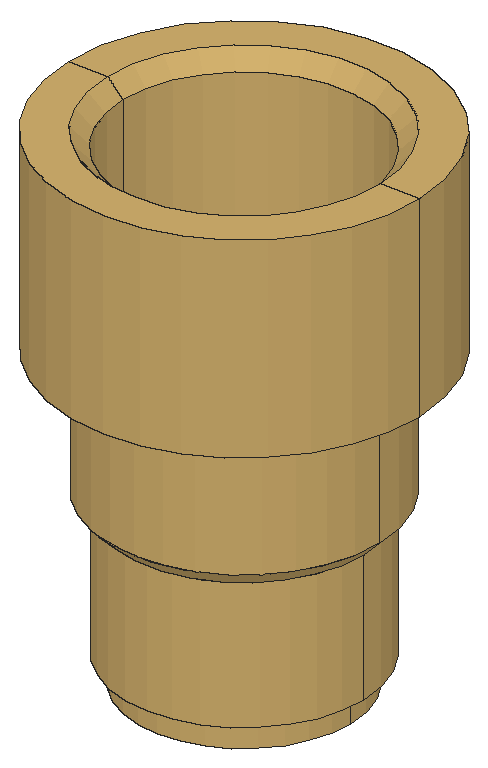
Revit family "PRD_FrankeWS_ShwrFttngsPckg_ConnectionAdapter_AQRM928", category Specialty Equipment, Revit 2018
Family settings
  Round Connector Dimension = Use Diameter
  Part Type = Normal
  OmniClass Number = 23.45.55.11
  OmniClass Title = Sanitary Components
  Work Plane-Based = Yes
  Always vertical = No
  Cut with Voids When Loaded = No
  Shared = No
  Room Calculation Point = No
Parameters (values of type "AQRM928")
  WarrantyStartDate [instance] = "1900-12-31T23:59:59"
  WarrantyGuarantorParts = "n/a"
  WarrantyGuarantorLabor = "n/a"
  WarrantyDurationUnit = "year"
  WarrantyDurationParts = "n/a"
  WarrantyDurationLabor = "n/a"
  WarrantyDescription = "n/a"
  Version = "1"
  Uniclass2015Version = "Products v1.23"
  Uniclass2015Title = "Shower fittings package"
  Uniclass2015Code = "Pr_40_20_87_75"
  URL = "www.kwc.com"
  TypeOfShowerPipe = "n/a"
  TypeOfConnection = "n/a"
  Type = "n/a"
  TailorMade = "No"
  TagNumber [instance] = "n/a"
  SustainabilityPerformance = "n/a"
  Status = "New"
  Size = "n/a"
  Shape = "n/a"
  SerialNumber [instance] = "n/a"
  Revision = "n/a"
  ReplacementCost = "n/a"
  Reference = "n/a"
  QuantityUom = "n/a"
  Quantity = "n/a"
  ProductInformation = "https://pim.kwc.com/product/2000101441/attachment/datasheet?locale=en"
  ProductCode = "210.0636.636"
  NominalWidth = 0 mm
  NominalLength = 0 mm
  NominalHeight = 0 mm
  NominalDepth = 0 mm
  NetWeight = 0.077 kg
  Name = "Connection adapter AQRM928"
  NBSTypeID = "n/a"
  NBSReference = "45-35-70/330"
  NBSOfficeMasterTag = "n/a"
  NBSNote = "n/a"
  NBSDescription = "Shower fittings package"
  NBSCertification = "n/a"
  ModelReference = "AQRM928"
  ModelNumber = "2000101441"
  Model = ModelReference  # "AQRM928"
  Material = "brass"
  ManufacturerURL = "www.kwc.com"
  ManufacturerName = "KWC Group AG"  # constant formula
  Manufacturer = ManufacturerName  # "KWC Group AG"
  IntegralAccessories = "n/a"
  InstallationDate [instance] = "1900-12-31T23:59:59"
  InletSize = "n/a"
  IfcExportType = "USERDEFINED"
  IfcExportAs = "IfcSanitaryTerminalType"
  GrossWeight = 0.079 kg
  Grade = "n/a"
  Finish = "n/a"
  Features = "n/a"
  ExpectedLife = "n/a"
  DurationUnit = "year"
  Description = "Connecting adapter for hose connection for shower panels with existing built-in shower valve DN 15."
  Default Elevation = 1219.2 mm
  CreatedOn = "05/2022"  # constant formula
  Constituents = "n/a"
  Color = "n/a"
  CodePerformance = "n/a"
  Category = "Pr_40_20_87_75, Shower fittings package"
  BodyMaterial = PRD_AR_Brass
  BarCode [instance] = "n/a"
  BIMObjectName = "PRD_AR_ShowerFittingsPackage_ConnectionAdapter_AQRM928"
  Author = "Archispace"  # constant formula
  AssetType = "Fixed"
  AssetIdentifier [instance] = "n/a"
  AccessibilityPerformance = "n/a"
Reference planes
  plane 1 "Center (Front/Back)": y = 0
  plane 2: z = 0
  plane 3 "Center (Left/Right)": x = 0
  plane 4: z = 38
Forms (mm)
  Revolve 1, solid, material "PRD_AR_Brass" <- "BodyMaterial", detail levels fine
    sketch origin (0, 0, 0) x (1, 0, 0) y (0, 0, 1)
      loop
        line (-9.315, 36.8) -> (-10.515, 38) -> (-13.5, 38) -> (-13.5, 23) -> (-10.477, 23) -> (-10.477, 13.227) -> (-9.25, 12) -> (-9.25, 2) -> (-8.25, 2) -> (-8.25, 0) -> (-4.75, 0) -> (-4.75, 2) -> (0, 2) -> (0, 26) -> (-9.315, 26) -> (-9.315, 36.8)
      axis (0, 38) -> (0, 0)
    angle from 0 to 360
  Revolve 2, solid, material "PRD_AR_Brass" <- "BodyMaterial", detail levels coarse+medium
    sketch origin (0.026, 0, 0) x (1, 0, 0) y (0, 0, 1)
      loop
        line (0, 38) -> (-13.5, 38) -> (-13.5, 0) -> (0, 0) -> (0, 38)
      axis (0, 38) -> (0, 0)
    angle from 0 to 360
Dimensions and locks
  aligned and locked: level to plane 2
